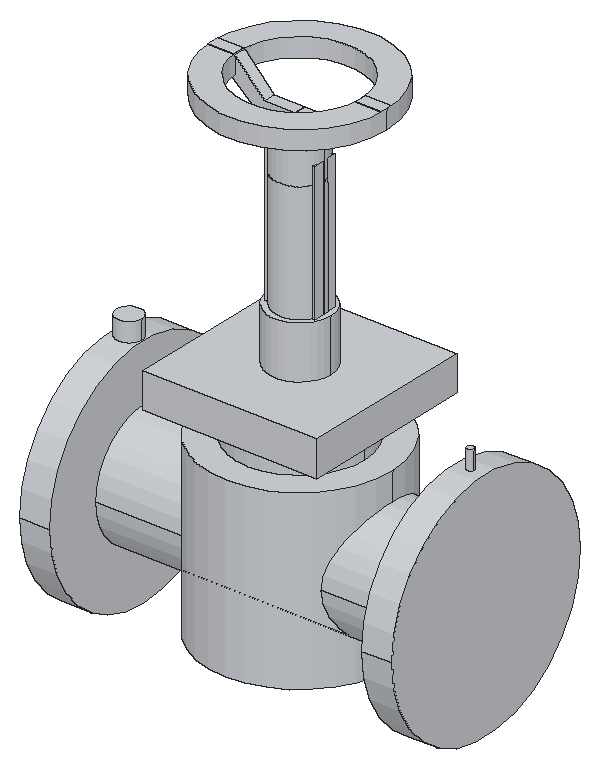
Revit family "Sigma_Compact_DN200-HF_PN16_RFA_2018", category Pipe Accessories, Revit 2018
Family settings
  Round Connector Dimension = Use Diameter
  Part Type = Valve - Breaks Into
  Work Plane-Based = No
  Always vertical = Yes
  Cut with Voids When Loaded = No
  Shared = No
Parameters (values of type "Sigma Compact DN 200 HF PN16")
  magiProductId = "9690c155034b41f3a54554dedb5edf"
  magiProductFamilyId = "01495da7eb234de3883c6bc9c8853e"
  magiPartTypeId = 304
  isMeasuringValve [instance] = no
  ang2D [instance] = 0.00°
  W2D = 50 mm
  VersionID = "2.0/2018.12.13.2/FRESE_SIGMA_C_BIG_Q13_001"
  Use Minimum Symbol Size [instance] = no
  URL = "www.hydronix.cz"
  Type Comments = "přírubový; PN16; max dp=800kPa; 0~+110°C; max uzavírací tlak 1MPa"
  R4 = 105 mm
  R3 = 98.8 mm
  R1 = 150 mm
  QmdConnectorList = "301;D;302;D"
  Productdata [instance] = ""
  Manufacturer = "Hydronix"
  Maintenance Zone Under Depth [instance] = 100 mm
  Maintenance Zone Right Depth [instance] = 100 mm
  Maintenance Zone Over Depth [instance] = 100 mm
  Maintenance Zone Left Depth [instance] = 100 mm
  Maintenance Zone Front Depth [instance] = 100 mm
  Maintenance Zone Back Depth [instance] = 100 mm
  Maintenance Zone Front Visibility [instance] = no
  MC Use Limits From Balancing Method = no
  MC Throttling Minimum Value = 0
  MC Throttling Maximum Value = 0
  MC Product Code = "53-2416 DN200; PN16; (130000-280000 l/h); kvs=317"
  MC Pressure Drop Minimum Value = 0.0 Pa
  MC Pressure Drop Maximum Value = 0.0 Pa
  MC Piping Given Pressure Drop [instance] = 0.0 Pa
  LF__ve = -LF  # -48 mm
  LF2 = 24 mm
  LF = 48 mm
  L432 = 49.35 mm
  L43 = 98.7 mm
  L42 = 141 mm
  L4 = 282 mm
  L3 = 504 mm
  L2D_Min = 30.48 mm
  L2D = 230 mm
  L2 = 300 mm
  HH12 = 29.5 mm
  HH1 = 59 mm
  HDF__ve = -HDF  # -334 mm
  HDF = 334 mm
  H6 = 85 mm
  H4 = 57 mm
  H3 = 47.5 mm
  H2 = 142.5 mm
  H11 = 285 mm
  H1 = 853 mm
  H = 714 mm
  Description = "Automatický vyvažovací ventil"
  DF2 = 190 mm
  D = 200 mm
  Clearance Zone Height Depth [instance] = 100 mm
  Clearance Zone Circular Radius [instance] = 300 mm
  Clearance Zone Visibility [instance] = no
  CAT0 = yes
Types (9, lengths in mm): name | magiProductId | Type Comments | R4 | R3 | R1 | MC Product Code | LF__ve | LF2 | LF | L432 | L43 | L42 | L4 | L3 | L2 | HH12 | HH1 | HDF__ve | HDF | H4 | H3 | H2 | H11 | H1 | H | DF2 | D | Clearance Zone Circular Radius
  Sigma Compact DN 050 HF PN16 | "68e8ec0e285d475ea5c3f8787337ca" | "přírubový; PN16; max dp=800kPa; 0~+120°C; max uzavírací tlak 1MPa" | 40.25 | 42.9 | 57.5 | "53-2410 DN50; PN16; (3920-24000 l/h); kvs=34" | -18.4 | 9.2 | 18.4 | 18.917 | 37.835 | 54.05 | 108.1 | 193.2 | 115 | 16.5 | 33 | -202 | 202 | 24.75 | 20.625 | 61.875 | 123.75 | 480 | 367 | 82.5 | 50 | 115
  Sigma Compact DN 065 HF PN16 | "93d22af618bf47d6be13ef3bd41a97" | "přírubový; PN16; max dp=800kPa; 0~+120°C; max uzavírací tlak 1MPa" | 50.75 | 48.1 | 72.5 | "53-2411 DN65; PN16; (5950-35000 l/h); kvs=47" | -23.2 | 11.6 | 23.2 | 23.853 | 47.705 | 68.15 | 136.3 | 243.6 | 145 | 16.5 | 33 | -199 | 199 | 27.75 | 23.125 | 69.375 | 138.75 | 497 | 384 | 92.5 | 65 | 145
  Sigma Compact DN 080 HF PN16 | "30d16928369c437789493110503824" | "přírubový; PN16; max dp=800kPa; 0~+120°C; max uzavírací tlak 1MPa" | 54.25 | 52 | 77.5 | "53-2412 DN80; PN16; (7020-43000 l/h); kvs=61" | -24.8 | 12.4 | 24.8 | 25.497 | 50.995 | 72.85 | 145.7 | 260.4 | 155 | 16.5 | 33 | -213 | 213 | 30 | 25 | 75 | 150 | 526 | 413 | 100 | 80 | 155
  Sigma Compact DN 100 HF PN16 | "cbc2fc0a341c4a2b87b0bcbf79c376" | "přírubový; PN16; max dp=800kPa; 0~+120°C; max uzavírací tlak 1MPa" | 61.25 | 61.1 | 87.5 | "53-2413 DN100; PN16; (14800-90000 l/h); kvs=104" | -28 | 14 | 28 | 28.788 | 57.575 | 82.25 | 164.5 | 294 | 175 | 34 | 68 | -331 | 331 | 35.25 | 29.375 | 88.125 | 176.25 | 714 | 566 | 117.5 | 100 | 175
  Sigma Compact DN 125 HF PN16 | "02452206f7594718b3d97e4e693144" | "přírubový; PN16; max dp=800kPa; 0~+120°C; max uzavírací tlak 1MPa" | 70 | 70.2 | 100 | "53-2414 DN125; PN16; (23000-135000 l/h); kvs=185" | -32 | 16 | 32 | 32.9 | 65.8 | 94 | 188 | 336 | 200 | 36.5 | 73 | -338 | 338 | 40.5 | 33.75 | 101.25 | 202.5 | 761 | 608 | 135 | 125 | 200
  Sigma Compact DN 150 HF PN16 | "2e5d0064e2dd45fa818d7fb779c9a5" | "přírubový; PN16; max dp=800kPa; 0~+110°C; max uzavírací tlak 1MPa" | 84 | 74.1 | 120 | "53-2415 DN150; PN16; (32000-195000 l/h); kvs=242" | -38.4 | 19.2 | 38.4 | 39.48 | 78.96 | 112.8 | 225.6 | 403.2 | 240 | 13 | 26 | -391 | 391 | 42.75 | 35.625 | 106.875 | 213.75 | 782 | 676 | 142.5 | 150 | 240
  Sigma Compact DN 200 HF PN16 | "9690c155034b41f3a54554dedb5edf" | "přírubový; PN16; max dp=800kPa; 0~+110°C; max uzavírací tlak 1MPa" | 105 | 98.8 | 150 | "53-2416 DN200; PN16; (130000-280000 l/h); kvs=317" | -48 | 24 | 48 | 49.35 | 98.7 | 141 | 282 | 504 | 300 | 29.5 | 59 | -334 | 334 | 57 | 47.5 | 142.5 | 285 | 853 | 714 | 190 | 200 | 300
  Sigma Compact DN 250 HF PN16 | "baee3668eb0d4f168225ec1ed946f7" | "přírubový; PN16; max dp=800kPa; 0~+110°C; max uzavírací tlak 1MPa" | 127.75 | 115.44 | 182.5 | "53-2417 DN250; PN16; (245000-600000 l/h); kvs=717" | -58.4 | 29.2 | 58.4 | 60.042 | 120.085 | 171.55 | 343.1 | 613.2 | 365 | 29 | 58 | -462 | 462 | 66.6 | 55.5 | 166.5 | 333 | 1044 | 906 | 222 | 250 | 365
  Sigma Compact DN 300 HF PN16 | "f903017b03a74a7ebca8b59c0516bf" | "přírubový; PN16; max dp=800kPa; 0~+110°C; max uzavírací tlak 1MPa" | 148.75 | 135.2 | 212.5 | "53-2418 DN300; PN16; (245000-600000 l/h); kvs=717" | -68 | 34 | 68 | 69.912 | 139.825 | 199.75 | 399.5 | 714 | 425 | 29 | 58 | -424 | 424 | 78 | 65 | 195 | 390 | 1082 | 944 | 260 | 300 | 425
Reference planes
  plane 1 "Center (Front/Back)": y = 0
  plane 2 "XYPLANE": z = 0
  plane 3 "Center (Left/Right)": x = 0
  plane 4 "298": y = -290
  plane 5 "297": y = 290
  plane 6 "296": y = -190
  plane 7 "295": y = 190
  plane 8 "294": z = -290
  plane 9 "293": z = 763
  plane 10 "292": x = -400
  plane 11 "291": x = 400
  plane 12 "290": z = 763
  plane 13 "256": y = -20
  plane 14 "254": z = 543.5
  plane 15 "253": z = 553.5
  plane 16 "252": x = -40
  plane 17 "251": x = -30
  plane 18 "250": x = 40
  plane 19 "249": x = 30
  plane 20 "247": z = 332
  plane 21 "244": z = 524
  plane 22 "243": x = 141
  plane 23 "242": x = 98.7
  plane 24 "241": x = 49.35
  plane 25 "240": y = -10
  plane 26 "238": x = -49.35
  plane 27 "237": x = -98.7
  plane 28 "236": z = 583
  plane 29 "235": z = 613
  plane 30 "234": x = -141
  plane 31 "225": z = 663
  plane 32 "224": z = -190
  plane 33 "157": x = 276
  plane 34 "156": x = -276
  plane 35 "155": z = 190
  plane 36 "154": z = 247
  plane 37 "153": z = 190
  plane 38 "152": z = 142.5
  plane 39 "151": x = -252
  plane 40 "150": z = -142.5
  plane 41 "149": x = 0
  plane 42 "148": y = 0
  plane 43 "147": z = 0
  plane 44 "146": x = -300
  plane 45 "145": x = 300
Forms (mm)
  Blend 1, solid, visible <- "Maintenance Zone Front Visibility"
    base sketch origin (-750, 0, 763) x (1, 0, 0) y (0, 1, 0)
      loop
        line (350, 290) -> (350, -290) -> (1150, -290) -> (1150, 290) -> (350, 290)
    top sketch origin (-750, 0, 763) x (1, 0, 0) y (0, 1, 0)
      loop
        line (350, 290) -> (350, -290) -> (1150, -290) -> (1150, 290) -> (350, 290)
    from 0 to -1053
  Blend 2, solid, visible <- "Clearance Zone Visibility"
    base sketch origin (-750, 0, 0) x (1, 0, 0) y (0, 1, 0)
      loop
        circle (750, 0) r 300
    top sketch origin (-750, 0, 0) x (1, 0, 0) y (0, 1, 0)
      loop
        circle (750, 0) r 300
    from 0 to 763
  Extrusion 3, solid
    sketch origin (-750, 0, 524) x (1, 0, 0) y (0, 1, 0)
      loop
        circle (750, 0) r 40.432
    from 0 to -334 <- "HDF__ve"
  Extrusion 4, solid
    sketch origin (-750, 0, 332) x (1, 0, 0) y (0, 1, 0)
      loop
        line (780, 20) -> (720, 20) -> (720, -20) -> (780, -20) -> (780, 20)
    from 0 to 25
  Extrusion 5, solid
    sketch origin (750, -20, 0) x (-1, 0, 0) y (0, 0, 1)
      loop
        line (790, 332) -> (790, 553.5) -> (710, 553.5) -> (710, 332) -> (720, 332) -> (720, 543.5) -> (780, 543.5) -> (780, 332) -> (790, 332)
    from 0 to 40
  Extrusion 6, solid
    sketch origin (-750, 0, 332) x (1, 0, 0) y (0, 1, 0)
      loop
        circle (750, 0) r 25
    from 0 to 30
  Extrusion 7, solid
    sketch origin (750, -10, 0) x (-1, 0, 0) y (0, 0, 1)
      loop
        line (848.7, 663) -> (799.35, 613) -> (750, 613) -> (750, 583) -> (799.35, 583) -> (891, 663) -> (848.7, 663)
    from 0 to 20
  Extrusion 8, solid
    sketch origin (750, -10, 0) x (-1, 0, 0) y (0, 0, 1)
      loop
        line (651.3, 663) -> (609, 663) -> (700.65, 583) -> (750, 583) -> (750, 613) -> (700.65, 613) -> (651.3, 663)
    from 0 to 20
  Extrusion 9, solid
    sketch origin (-750, 0, 524) x (1, 0, 0) y (0, 1, 0)
      loop
        circle (750, 0) r 40.432
    from 0 to 59 <- "HH1"
  Extrusion 10, solid
    sketch origin (-750, 0, 663) x (1, 0, 0) y (0, 1, 0)
      loop
        circle (750, 0) r 141
      loop
        circle (750, 0) r 98.7
    from 0 to -30
  Extrusion 11, solid, visible <- "CAT0"
    sketch origin (-750, 0, 190) x (1, 0, 0) y (0, 1, 0)
      loop
        circle (1026, 0) r 5.5
    from 0 to 30
  Extrusion 12, solid, visible <- "CAT0"
    sketch origin (-750, 0, 190) x (1, 0, 0) y (0, 1, 0)
      loop
        circle (474, 0) r 20.3
    from 0 to 30
  Extrusion 13, solid, visible <- "CAT0"
    sketch origin (-750, 0, 247) x (1, 0, 0) y (0, 1, 0)
      loop
        circle (750, 0) r 50.432
    from 0 to 85 <- "H6"
  Extrusion 14, solid, visible <- "CAT0"
    sketch origin (-750, 0, 190) x (1, 0, 0) y (0, 1, 0)
      loop
        line (891, 141) -> (609, 141) -> (609, -141) -> (891, -141) -> (891, 141)
    from 0 to 57 <- "H4"
  Extrusion 15, solid, visible <- "CAT0"
    sketch origin (-750, 0, 142.5) x (1, 0, 0) y (0, 1, 0)
      loop
        circle (750, 0) r 105
    from 0 to 47.5 <- "H3"
  Extrusion 16, solid, visible <- "CAT0"
    sketch origin (-252, -750, 0) x (0, 1, 0) y (0, 0, 1)
      loop
        circle (750, 0) r 98.8
    from 0 to 504 <- "L3"
  Extrusion 17, solid, visible <- "CAT0"
    sketch origin (-750, 0, -142.5) x (1, 0, 0) y (0, 1, 0)
      loop
        circle (750, 0) r 150
    from 0 to 285 <- "H11"
  Extrusion 18, solid, visible <- "CAT0"
    sketch origin (-300, -750, 0) x (0, 1, 0) y (0, 0, 1)
      loop
        circle (750, 0) r 190
    from 0 to 48 <- "LF"
  Extrusion 19, solid, visible <- "CAT0"
    sketch origin (300, -750, 0) x (0, 1, 0) y (0, 0, 1)
      loop
        circle (750, 0) r 190
    from 0 to -48 <- "LF__ve"
  Extrusion 20, solid, not visible
    sketch origin (-300, -750, 0) x (0, 1, 0) y (0, 0, 1)
      loop
        circle (750, 0) r 10
    from 0 to 10
  Extrusion 21, solid, not visible
    sketch origin (300, -750, 0) x (0, 1, 0) y (0, 0, 1)
      loop
        circle (750, 0) r 10
    from 0 to -10
Lines and regions (mm)
  reference lines, not visible
    curve 1: circle (2, 2, 0) r 1 normal (0, 0, 1)
  reference lines
    curve 2: circle (0, 0, 190) r 1 normal (0, 0, 1)
Dimensions and locks
  plane 1 "Center (Front/Back)" to curve 1 = 2 mm
  "Maintenance Zone Front Depth": plane 6 "296" to plane 4 "298"
  "Maintenance Zone Back Depth": plane 7 "295" to plane 5 "297"
  "DF2": plane 42 "148" to plane 6 "296"
  "DF2": plane 42 "148" to plane 7 "295"
  "Maintenance Zone Under Depth": plane 32 "224" to plane 8 "294"
  "Maintenance Zone Over Depth": plane 31 "225" to plane 9 "293"
  "Maintenance Zone Left Depth": plane 44 "146" to plane 10 "292"
  "Maintenance Zone Right Depth": plane 45 "145" to plane 11 "291"
  "Clearance Zone Height Depth": plane 31 "225" to plane 12 "290"
  locked: plane 25 "240" to plane 13 "256" at 10
  locked: plane 15 "253" to plane 14 "254" at 10
  "HH12": plane 21 "244" to plane 15 "253"
  locked: plane 17 "251" to plane 16 "252" at 10
  locked: plane 41 "149" to plane 17 "251" at 30
  locked: plane 19 "249" to plane 18 "250" at 10
  locked: plane 41 "149" to plane 19 "249" at 30
  "H6": plane 36 "154" to plane 20 "247"
  "H": plane 32 "224" to plane 21 "244"
  "L42": plane 41 "149" to plane 22 "243"
  "L43": plane 41 "149" to plane 23 "242"
  "L432": plane 41 "149" to plane 24 "241"
  locked: plane 42 "148" to plane 25 "240" at 10
  "L432": plane 41 "149" to plane 26 "238"
  "L43": plane 41 "149" to plane 27 "237"
  locked: plane 29 "235" to plane 28 "236" at 30
  locked: plane 31 "225" to plane 29 "235" at 50
  "L42": plane 41 "149" to plane 30 "234"
  "H1": plane 32 "224" to plane 31 "225"
  "DF2": plane 2 "XYPLANE" to plane 32 "224"
  "LF2": plane 45 "145" to plane 33 "157"
  "LF2": plane 44 "146" to plane 34 "156"
  "DF2": plane 2 "XYPLANE" to plane 35 "155"
  "H4": plane 37 "153" to plane 36 "154"
  "H3": plane 38 "152" to plane 37 "153"
  "H11": plane 40 "150" to plane 38 "152"
  "LF": plane 44 "146" to plane 39 "151"
  "H2": plane 2 "XYPLANE" to plane 40 "150"
  locked: plane 3 "Center (Left/Right)" to plane 41 "149"
  locked: plane 1 "Center (Front/Back)" to plane 42 "148"
  locked: plane 2 "XYPLANE" to plane 43 "147"
  "L2": plane 3 "Center (Left/Right)" to plane 44 "146"
  "L2": plane 3 "Center (Left/Right)" to plane 45 "145"
  Blend 1 sketch curve to Blend 1 sketch curve = 0 mm  (x16)
  Extrusion 4 sketch curve to Extrusion 4 sketch curve = 0 mm  (x8)
  Extrusion 5 sketch curve to Extrusion 5 sketch curve = 0 mm  (x16)
  Extrusion 7 sketch curve to Extrusion 7 sketch curve = 0 mm  (x12)
  Extrusion 8 sketch curve to Extrusion 8 sketch curve = 0 mm  (x12)
  equal spacing: Extrusion 14 sketch curve, curve 2, Extrusion 14 sketch curve  (x2)
  "L4": Extrusion 14 sketch curve to Extrusion 14 sketch curve  (x2)
  Extrusion 14 sketch curve to Extrusion 14 sketch curve = 0 mm  (x8)
  "Clearance Zone Circular Radius": radius of Blend 2 sketch curve  (x2)
  "L42": radius of Extrusion 10 sketch curve
  "L43": radius of Extrusion 10 sketch curve
  "R4": radius of Extrusion 15 sketch curve
  "R3": radius of Extrusion 16 sketch curve
  "R1": radius of Extrusion 17 sketch curve
  "DF2": radius of Extrusion 18 sketch curve
  "DF2": radius of Extrusion 19 sketch curve
  aligned and locked: level to plane 2 "XYPLANE"
  aligned and locked: Blend 1 sketch curve to plane 5 "297"  (x2)
  aligned and locked: plane 10 "292" to Blend 1 sketch curve  (x4)
  aligned and locked: plane 11 "291" to Blend 1 sketch curve  (x4)
  aligned and locked: plane 5 "297" to Blend 1 sketch curve  (x2)
  aligned and locked: plane 4 "298" to Blend 1 sketch curve  (x4)
  aligned and locked: Blend 1 to plane 8 "294"
  aligned and locked: plane 41 "149" to Blend 2 sketch curve  (x2)
  aligned and locked: plane 42 "148" to Blend 2 sketch curve  (x2)
  aligned and locked: plane 12 "290" to Blend 2
  aligned and locked: plane 41 "149" to Extrusion 3 sketch curve
  aligned and locked: plane 42 "148" to Extrusion 3 sketch curve
  aligned and locked: Extrusion 5 sketch curve to plane 16 "252"
  aligned and locked: plane 20 "247" to Extrusion 5 sketch curve  (x4)
  aligned and locked: plane 15 "253" to Extrusion 5 sketch curve  (x2)
  aligned and locked: plane 16 "252" to Extrusion 5 sketch curve
  aligned and locked: plane 18 "250" to Extrusion 5 sketch curve  (x2)
  aligned and locked: plane 19 "249" to Extrusion 5 sketch curve  (x2)
  aligned and locked: plane 14 "254" to Extrusion 5 sketch curve  (x2)
  aligned and locked: plane 17 "251" to Extrusion 5 sketch curve  (x2)
  aligned and locked: plane 41 "149" to Extrusion 6 sketch curve
  aligned and locked: plane 42 "148" to Extrusion 6 sketch curve
  aligned and locked: plane 27 "237" to Extrusion 7 sketch curve
  aligned and locked: plane 31 "225" to Extrusion 7 sketch curve  (x2)
  aligned and locked: plane 26 "238" to Extrusion 7 sketch curve  (x2)
  aligned and locked: plane 29 "235" to Extrusion 7 sketch curve  (x2)
  aligned and locked: plane 41 "149" to Extrusion 7 sketch curve  (x2)
  aligned and locked: plane 28 "236" to Extrusion 7 sketch curve  (x2)
  aligned and locked: plane 30 "234" to Extrusion 7 sketch curve
  aligned and locked: plane 23 "242" to Extrusion 8 sketch curve
  aligned and locked: plane 31 "225" to Extrusion 8 sketch curve  (x2)
  aligned and locked: plane 24 "241" to Extrusion 8 sketch curve  (x2)
  aligned and locked: plane 29 "235" to Extrusion 8 sketch curve  (x2)
  aligned and locked: plane 41 "149" to Extrusion 8 sketch curve  (x2)
  aligned and locked: plane 28 "236" to Extrusion 8 sketch curve  (x2)
  aligned and locked: plane 22 "243" to Extrusion 8 sketch curve
  aligned and locked: plane 41 "149" to Extrusion 9 sketch curve
  aligned and locked: plane 42 "148" to Extrusion 9 sketch curve
  aligned and locked: plane 41 "149" to Extrusion 10 sketch curve  (x2)
  aligned and locked: plane 42 "148" to Extrusion 10 sketch curve  (x2)
  aligned and locked: plane 33 "157" to Extrusion 11 sketch curve
  aligned and locked: plane 42 "148" to Extrusion 11 sketch curve
  aligned and locked: plane 34 "156" to Extrusion 12 sketch curve
  aligned and locked: plane 42 "148" to Extrusion 12 sketch curve
  aligned and locked: plane 41 "149" to Extrusion 13 sketch curve
  aligned and locked: plane 42 "148" to Extrusion 13 sketch curve
  aligned and locked: plane 41 "149" to curve 2
  aligned and locked: plane 42 "148" to curve 2
  aligned and locked: plane 41 "149" to Extrusion 15 sketch curve
  aligned and locked: plane 42 "148" to Extrusion 15 sketch curve
  aligned and locked: Extrusion 16 sketch curve to plane 42 "148"
  aligned and locked: plane 43 "147" to Extrusion 16 sketch curve
  aligned and locked: plane 41 "149" to Extrusion 17 sketch curve
  aligned and locked: plane 42 "148" to Extrusion 17 sketch curve
  aligned and locked: Extrusion 18 sketch curve to plane 42 "148"
  aligned and locked: plane 43 "147" to Extrusion 18 sketch curve
  aligned and locked: Extrusion 19 sketch curve to plane 42 "148"
  aligned and locked: plane 43 "147" to Extrusion 19 sketch curve
  aligned and locked: Extrusion 20 sketch curve to plane 42 "148"
  aligned and locked: plane 43 "147" to Extrusion 20 sketch curve
  aligned and locked: Extrusion 21 sketch curve to plane 42 "148"
  aligned and locked: plane 43 "147" to Extrusion 21 sketch curve
Automatic sketch dimensions
  plane 26 "238" to Extrusion 3 sketch curve = 8.917 mm
  Extrusion 4 sketch curve to plane 17 "251" = 0 mm
  Extrusion 4 sketch curve to plane 13 "256" = 0 mm
  Extrusion 4 sketch curve to plane 19 "249" = 0 mm
  Extrusion 4 sketch curve to plane 1 "Center (Front/Back)" = 20 mm
  plane 17 "251" to Extrusion 6 sketch curve = 5 mm
  plane 26 "238" to Extrusion 9 sketch curve = 8.917 mm
  Extrusion 11 sketch curve to plane 33 "157" = 5.5 mm
  plane 44 "146" to Extrusion 12 sketch curve = 3.7 mm
  Extrusion 13 sketch curve to plane 26 "238" = 1.083 mm
  Extrusion 20 sketch curve to plane 25 "240" = 0 mm
  Extrusion 21 sketch curve to plane 25 "240" = 0 mm
  plane 3 "Center (Left/Right)" to curve 1 = 2 mm
  Extrusion 14 sketch curve to plane 30 "234" = 0 mm
  plane 6 "296" to Extrusion 14 sketch curve = 49 mm
  radius of curve 2 = 1 mm
  radius of curve 1 = 1 mm
Connectors
  piping at (-300, 0, 0), diameter 200, driven by "D"
    settings: on Extrusion 20, index 1, connector inside diameter 609.6 mm, connector length 0 mm, flow factor 0, pipe flow 0.0 L/s, pressure drop 0.0 Pa, fitting loss kfactor 0, connector angle 0.00°, fixture units 0, engagement length 0 mm, angle of deflection 0.00°, flow configuration 0, flow direction 0, fitting loss method 0, system type 29, joint type 0, gender type 0, connector reference index 2, connector utility 0, adjustable connector no, is connector primary yes, connector description ""
  piping at (300, 0, 0), diameter 200, driven by "D"
    settings: on Extrusion 21, index 2, connector inside diameter 609.6 mm, connector length 0 mm, flow factor 0, pipe flow 0.0 L/s, pressure drop 0.0 Pa, fitting loss kfactor 0, connector angle 0.00°, fixture units 0, engagement length 0 mm, angle of deflection 0.00°, flow configuration 0, flow direction 0, fitting loss method 0, system type 29, joint type 0, gender type 0, connector reference index 1, connector utility 0, adjustable connector no, is connector primary no, connector description ""
